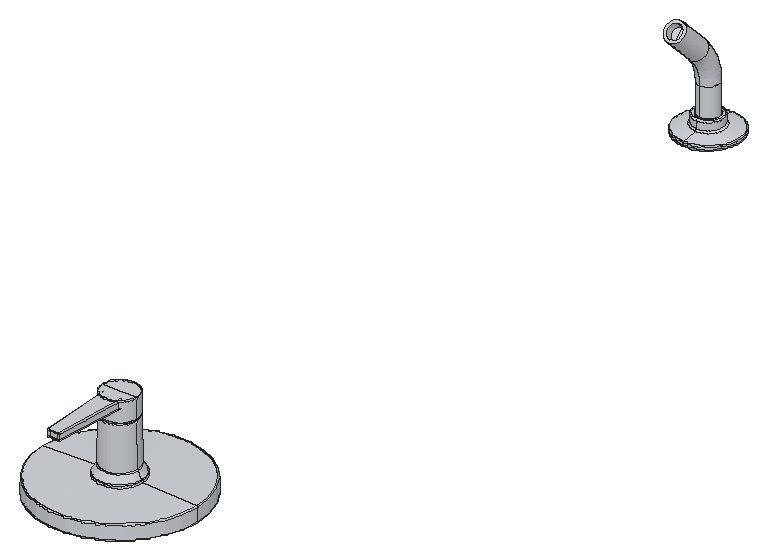
Revit family "Shower-Shower_Trim-KOHLER-Pitch-K-TLS97077_1", category Plumbing Fixtures, host Face, Revit 2022
Family settings
  Host = Face
  Round Connector Dimension = Use Diameter
  Part Type = Normal
  OmniClass Number = 23.31.17.00
  OmniClass Title = Showers
  Cut with Voids When Loaded = No
  Maintain Annotation Orientation = No
  Shared = No
  Room Calculation Point = No
Parameters (values of type "CP-Polished Chrome")
  Width = 6.37795"  # constant formula
  WaterSense Certified = 1 = 0  # no
  Waste Water Outlet = "Waste Water Outlet"  # constant formula
  Waste Connection = 1 = 0  # no
  Vent Connection = 1 = 0  # no
  URL = "https://www.us.kohler.com/us/"
  Type = 4
  Tempered Water Inlet = "Tempered Water Inlet"  # constant formula
  Product Page URL = "https://www.us.kohler.com/us/catalog/productDetails.jsp?productId=TLS97077-4"
  Product Name = "Pitch"  # constant formula
  Product Documentation Link = "https://www.us.kohler.com/webassets/kpna/catalog/pdf/en/K-TLS97077-4_spec_US-CA_Kohler_en.pdf"
  Pressure = 0.00 psi
  Panel Thickness = 0"
  Model = if(Type = 1, "K-TLS97077-4-2MB", if(Type = 2, "K-TLS97077-4-BL", if(Type = 3, "K-TLS97077-4-BN", if(Type = 4, "K-TLS97077-4-CP", " NA "))))  # "K-TLS97077-4-CP"
  Material = "Premium Metal Construction"  # constant formula
  Master Format 2014 Name = "Residential Showers"  # constant formula
  Master Format 2014 = "22 42 23"  # constant formula
  Manufacturer Address = "444 Highland Dr, Kohler, WI 53044"  # constant formula
  Manufacturer = "Kohler Co."  # constant formula
  Length = 4 95/256"  # constant formula
  Hot Water Inlet = "Hot Water Inlet"  # constant formula
  Height = 6.37795"  # constant formula
  Handle Clearance = 3.38583"  # constant formula
  HW Connection = 1 = 1  # yes
  Flow Rate = 0 GPM
  Finish = Kohler-Metal-CP-Polished_Chrome
  Environmental Product Declaration = ""
  Drain Included = 1 = 0  # no
  Distance To Showerarm [instance] = 30"
  Description = "Rite-Temp shower trim set, less showerhead"  # constant formula
  Default Elevation = 42"
  Declare Label = ""
  Date Modified = "04/19/2022"  # constant formula
  Date Created = "04/19/2022"  # constant formula
  Copyright = "Copyright Kohler Co."  # constant formula
  Contact Us = "https://www.us.kohler.com/us/static/contact.jsp"
  Cold Water Inlet = "Cold Water Inlet"  # constant formula
  CW Connection = 1 = 0  # no
  Assembly Code = "D2010700"
  ADA Compliant = 1 = 0  # no
Types (5): name | Type | Model | Finish
  (no name) | 4 | "K-TLS97077-4-CP" | Kohler-Metal-CP-Polished_Chrome
  CP-Polished Chrome | 4 | "K-TLS97077-4-CP" | Kohler-Metal-CP-Polished_Chrome
  BN-Vibrant Brushed Nickel | 3 | "K-TLS97077-4-BN" | Kohler-Metal-BN-Vibrant_Brushed_Nickel
  BL-Matte Black | 2 | "K-TLS97077-4-BL" | Kohler-Metal-BL-Matte_Black
  2MB-Vibrant Brushed Moderne Brass | 1 | "K-TLS97077-4-2MB" | Kohler-Metal-2MB-Vibrant_Brushed_Moderne_Brass
Reference planes
  plane 1 "Center (Front/Back)": y = 160.2
  plane 2: z = 0
  plane 3 "Center (Left/Right)": x = 0
  plane 4: x = -32
  plane 5: x = 32
  plane 6: y = 192.2
  plane 7: y = 117.2
  plane 8: y = -520.8
  plane 9: x = -81
  plane 10: y = -687.8
  plane 11: x = 81
  plane 12: y = -682.8
  plane 13: y = -520.8
  plane 14: x = -81
  plane 15: x = 81
  plane 16: y = -682.8
  plane 17: y = -687.8
  plane 18: y = -601.8
  plane 19: y = 128.2
  plane 20: z = 111.026
  plane 21: z = 94
  plane 22: z = 103.626
  plane 23: z = 118.4
  plane 24: y = 109.453
  plane 25: x = -10.584
  plane 26: x = 10.584
  plane 27: z = 16.489
Dimensions and locks
  plane 19 to plane 1 "Center (Front/Back)" to plane 6 = 1.25984", 1.25984"
  plane 7 to plane 1 "Center (Front/Back)" = 1.69291"
  plane 16 to plane 18 to plane 13 = 3.18898", 3.18898"
  "Width": plane 14 to plane 15
  "Height": plane 16 to plane 13
  "Handle Clearance": plane 18 to plane 17
  "Distance To Showerarm": plane 1 "Center (Front/Back)" to plane 18
  plane 4 to plane 3 "Center (Left/Right)" to plane 5 = 1.25984", 1.25984"
  locked: plane 1 "Center (Front/Back)" to plane 24 at 50.747
  "Length": level to plane 20
  level to plane 21 = 3.70079"
  locked: plane 6 to plane 19 at 64
  locked: plane 1 "Center (Front/Back)" to plane 7 at 43
  aligned and locked: plane 2 to host face
  aligned and locked: level to host face
  aligned and locked: plane 3 "Center (Left/Right)" to nested 1
  aligned and locked: plane 1 "Center (Front/Back)" to nested 1
  aligned and locked: plane 18 to nested 2
  aligned and locked: nested 1 to plane 5
  aligned and locked: plane 4 to nested 1
Automatic sketch dimensions
  host sketch curve to host sketch curve = 96"  (x2)
Nested families
  nested 1: "K-TLS97077_Showerarm" at (0, 160.2, 0), type "K-TLS97077_Showerarm"
  nested 2: "K-TLS97077_Valve_Trim" at (0, -601.8, 0), type "K-TLS97077_Valve_Trim"
Connectors
  piping at (0, 160.2, 0), diameter 12.7, driven by "HW Connection", driven by "Tempered Water Inlet"
    settings: on nested 1, index 1, connector inside diameter 24", connector length 0", flow factor 0, pipe flow 0 GPM, pressure drop 0.00 psi, fitting loss kfactor 0, connector angle 0.00°, fixture units 0, engagement length 0", angle of deflection 0.00°, flow configuration 0, flow direction 1, fitting loss method 0, system type 19, joint type 0, gender type 0, connector reference index -1, connector utility 1, adjustable connector no, is connector primary yes, connector description "Tempered Water Inlet"
Definition of nested family "K-TLS97077_Showerarm"
  Parameters
    Material = none
    Default Elevation = 0"
  Reference planes
    plane 1 "Center (Front/Back)": y = 0
    plane 2: z = 0
    plane 3 "Center (Left/Right)": x = 0
    plane 4: x = -32
    plane 5: x = 32
    plane 6: y = 32
    plane 7: y = -32
    plane 8: y = -43
    plane 9: z = 111
    plane 10: z = 103.626
    plane 11: z = 118.374
  Forms (mm)
    Revolve 1, solid, material <- "Material", detail levels medium+fine
      sketch origin (0, 0, 0) x (0, 1, 0) y (0, 0, 1)
        loop
          line (0, 0) -> (31.2, 0)
          arc (31.2, 0) -> (31.766, 0.234) -> (32, 0.8) r 0.8
          line (32, 0.8) -> (32, 3.452)
          arc (32, 3.452) -> (31.822, 3.956) -> (31.366, 4.235) r 0.8
          line (31.366, 4.235) -> (16.584, 7.377)
          arc (16.584, 7.377) -> (15.446, 8.075) -> (15, 9.333) r 2
          line (15, 9.333) -> (15, 16.514)
          arc (15, 16.514) -> (14.707, 17.221) -> (14, 17.514) r 1
          line (14, 17.514) -> (11.342, 17.514)
          arc (11.342, 17.514) -> (10.746, 17.268) -> (10.5, 16.673) r 0.842
          line (10.5, 16.673) -> (0, 16.673) -> (0, 0)
        axis (0, 0) -> (0, 17.514)
      angle from 0 to 360
    Sweep 2, solid, material <- "Material", detail levels medium+fine
      path origin (0, 0, 0) x (0, 1, 0) y (0, 0, 1)
        loop
          line (0, 16.673) -> (0, 47.343)
          arc (0, 47.343) -> (-3.806, 66.478) -> (-14.645, 82.699) r 50
          line (-14.645, 82.699) -> (-43, 111.054)
      profile origin (0, 0, 32.008) x (0, -1, 0) y (1, 0, 0)
        loop
          circle (0, 0) r 10.5
    Revolve 3, void
      sketch origin (0, 0, 0) x (0, 1, 0) y (0, 0, 1)
        loop
          line (-43, 111.054) -> (-48.282, 105.772) -> (-43.134, 100.624) -> (-37.852, 105.906) -> (-43, 111.054)
        axis (-37.852, 105.906) -> (-43, 111.054)
      angle from 0 to 360
    Revolve 4, solid, material <- "Material", detail levels coarse
      sketch origin (0, 0, 0) x (0, 1, 0) y (0, 0, 1)
        loop
          line (0, 0) -> (32, 0) -> (32, 7.781) -> (15, 7.781) -> (15, 17.524) -> (10.51, 17.524) -> (0, 17.524) -> (0, 0)
        axis (0, 17.524) -> (0, 0)
      angle from 0 to 360
    Extrusion 5, solid, material <- "Material"
      sketch origin (0, 0, 0) x (1, 0, 0) y (0, 1, 0)
        loop
          circle (0, 0) r 2.55
      from 0 to 2
    Sweep 6, solid, material <- "Material", detail levels coarse
      path origin (0, 0, 0) x (0, 1, 0) y (0, 0, 1)
        loop
          line (0, 16.673) -> (0, 55.098)
          arc (0, 55.098) -> (-2.284, 66.579) -> (-8.787, 76.311) r 30
          line (-8.787, 76.311) -> (-43.265, 110.789)
      profile origin (0, 0, 35.885) x (0, -1, 0) y (1, 0, 0)
        loop
          circle (0, 0) r 10.582
  Cuts and joins
    Revolve 3 cuts Sweep 2
    joined: Revolve 4, Sweep 6
  Lines and regions (mm)
    Masking region 1
      outline origin (0, 0, 0) x (1, 0, 0) y (0, 1, 0)
        loop
          line (-10.584, -30.182) -> (-10.584, -44.125)
          arc (-10.584, -44.125) -> (0, -50.779) -> (10.584, -44.125) r 11.744
          line (10.584, -44.125) -> (10.584, -30.147)
          arc (10.584, -30.147) -> (-0.104, 32) -> (-10.584, -30.182) r 31.983
    Masking region 2
      outline origin (0, 0, 0) x (1, 0, 0) y (0, 0, 1)
        loop
          line (32, 0.78) -> (32, 3.355)
          arc (32, 3.355) -> (31.783, 3.967) -> (31.23, 4.306) r 0.972
          line (31.23, 4.306) -> (17.536, 7.216)
          arc (17.536, 7.216) -> (16.113, 8.089) -> (15.556, 9.662) r 2.5
          line (15.556, 9.662) -> (15.556, 16.058)
          arc (15.556, 16.058) -> (15.115, 17.121) -> (14.052, 17.561) r 1.504
          line (14.052, 17.561) -> (10.498, 17.561) -> (10.498, 110.981)
          arc (10.498, 110.981) -> (6.589, 116.606) -> (0, 118.479) r 10.176
          arc (0, 118.479) -> (-6.613, 116.642) -> (-10.497, 110.983) r 10.032
          line (-10.497, 110.983) -> (-10.497, 17.561) -> (-14.052, 17.561)
          arc (-14.052, 17.561) -> (-15.115, 17.121) -> (-15.556, 16.058) r 1.504
          line (-15.556, 16.058) -> (-15.556, 9.662)
          arc (-15.556, 9.662) -> (-16.113, 8.089) -> (-17.536, 7.216) r 2.5
          line (-17.536, 7.216) -> (-31.23, 4.306)
          arc (-31.23, 4.306) -> (-31.783, 3.967) -> (-32, 3.355) r 0.972
          line (-32, 3.355) -> (-32, 0.78)
          arc (-32, 0.78) -> (-31.771, 0.229) -> (-31.22, 0) r 0.78
          line (-31.22, 0) -> (31.22, 0)
          arc (31.22, 0) -> (31.771, 0.229) -> (32, 0.78) r 0.78
    Masking region 3
      outline origin (0, 0, 0) x (0, 1, 0) y (0, 0, 1)
        loop
          line (-31.2, 0) -> (31.2, 0)
          arc (31.2, 0) -> (31.766, 0.234) -> (32, 0.8) r 0.8
          line (32, 0.8) -> (32, 3.358)
          arc (32, 3.358) -> (31.777, 3.987) -> (31.208, 4.336) r 1
          line (31.208, 4.336) -> (16.562, 7.449)
          arc (16.562, 7.449) -> (15.444, 8.134) -> (15.006, 9.369) r 1.963
          line (15.006, 9.369) -> (15.006, 16.494)
          arc (15.006, 16.494) -> (14.705, 17.223) -> (13.976, 17.524) r 1.03
          line (13.976, 17.524) -> (10.51, 17.524) -> (10.51, 49.712)
          arc (10.51, 49.712) -> (6.324, 70.76) -> (-5.599, 88.603) r 55
          line (-5.599, 88.603) -> (-35.525, 118.529) -> (-50.428, 103.626) -> (-21.829, 75.027)
          arc (-21.829, 75.027) -> (-13.731, 62.907) -> (-10.888, 48.611) r 37.357
          line (-10.888, 48.611) -> (-10.888, 17.524) -> (-13.976, 17.524)
          arc (-13.976, 17.524) -> (-14.705, 17.223) -> (-15.006, 16.494) r 1.03
          line (-15.006, 16.494) -> (-15.006, 9.369)
          arc (-15.006, 9.369) -> (-15.444, 8.134) -> (-16.562, 7.449) r 1.963
          line (-16.562, 7.449) -> (-31.208, 4.336)
          arc (-31.208, 4.336) -> (-31.777, 3.987) -> (-32, 3.358) r 1
          line (-32, 3.358) -> (-32, 0.8)
          arc (-32, 0.8) -> (-31.766, 0.234) -> (-31.2, 0) r 0.8
    symbolic lines, detail levels medium+fine
      curve 1: line (0, 10.51, 17.524) -> (0, -10.888, 17.524)
      curve 2: line (0, -33.842, 116.847) -> (0, -48.746, 101.943)
      curve 3: line (0, -32.508, 115.513) -> (0, -47.412, 100.609)
      curve 4: line (0, -31.063, 114.068) -> (0, -45.967, 99.164)
      curve 5: line (0, -29.878, 112.882) -> (0, -44.781, 97.979)
      curve 6: line (0, -28.214, 111.218) -> (0, -43.118, 96.315)
      curve 7: line (0, -27.025, 110.029) -> (0, -41.928, 95.126)
      curve 8: arc (-10.584, -43, 0) -> (0, -35.575, 0) -> (10.584, -43, 0) r 11.255
      curve 9: arc (-10.584, -40.455, 0) -> (0, -34.159, 0) -> (10.584, -40.455, 0) r 12.043
      curve 10: arc (-10.584, -38, 0) -> (0, -32.914, 0) -> (10.584, -38, 0) r 13.555
      curve 11: arc (-10.584, -36.591, 0) -> (0, -32, 0) -> (10.584, -36.591, 0) r 14.494
      curve 12: arc (-10.584, -35.111, 0) -> (0, -31.011, 0) -> (10.584, -35.111, 0) r 15.71
      curve 13: arc (-6.765, -43, 0) -> (0.191, -37.716, 0) -> (7.146, -43, 0) r 7.219
      curve 14: arc (-6.765, -43, 0) -> (0.191, -48.284, 0) -> (7.146, -43, 0) r 7.219
      curve 15: line (-10.584, -30.182, 0) -> (-10.584, -0.182, 0)
      curve 16: line (10.584, -30.147, 0) -> (10.584, -0.182, 0)
      curve 17: arc (-10.584, -0.182, 0) -> (0, 10.401, 0) -> (10.584, -0.182, 0) r 10.584
      curve 18: line (10.498, 0, 17.561) -> (-10.497, 0, 17.561)
      curve 19: arc (-10.584, -10.63, 0) -> (0, 15, 0) -> (10.584, -10.63, 0) r 15
  Dimensions and locks
    plane 6 to plane 7 = 2.51969"
    plane 4 to plane 5 = 2.51969"
    plane 9 to level = 4.37008"
    plane 1 "Center (Front/Back)" to plane 8 = 1.69291"
    aligned and locked: level to plane 2
Definition of nested family "K-TLS97077_Valve_Trim"
  Parameters
    Material = none
    Default Elevation = 0"
  Reference planes
    plane 1 "Center (Front/Back)": y = 0
    plane 2: z = 0
    plane 3 "Center (Left/Right)": x = 0
    plane 4: z = 94
    plane 5: x = 81
    plane 6: x = -81
    plane 7: y = 81
    plane 8: y = -81
    plane 9: y = -86
  Forms (mm)
    Revolve 1, solid, material <- "Material", detail levels medium+fine
      sketch origin (0, 0, 0) x (1, 0, 0) y (0, 0, 1)
        loop
          line (0, 73.189) -> (0, 73.989) -> (-8.994, 73.989) -> (-8.994, 73.189) -> (-17.01, 73.189)
          arc (-17.01, 73.189) -> (-17.663, 72.921) -> (-17.938, 72.271) r 0.928
          line (-17.938, 72.271) -> (-18.428, 27.677)
          arc (-18.428, 27.677) -> (-18.508, 27.137) -> (-18.732, 26.639) r 2
          line (-18.732, 26.639) -> (-23.222, 19.453)
          arc (-23.222, 19.453) -> (-23.448, 18.945) -> (-23.526, 18.394) r 2
          line (-23.526, 18.394) -> (-23.526, 16.489) -> (-79.614, 14.813)
          arc (-79.614, 14.813) -> (-80.283, 14.524) -> (-80.572, 13.856) r 0.988
          line (-80.572, 13.856) -> (-80.984, 0.515)
          arc (-80.984, 0.515) -> (-80.843, 0.152) -> (-80.484, 0) r 0.5
          line (-80.484, 0) -> (0, 0) -> (0, 73.189)
        axis (0, 0) -> (0, 73.989)
      angle from 0 to 360
    Revolve 2, solid, material <- "Material", detail levels medium+fine
      sketch origin (0, 0, 0) x (1, 0, 0) y (0, 0, 1)
        loop
          line (0, 94) -> (0, 73.656) -> (17.556, 73.656)
          arc (17.556, 73.656) -> (17.909, 73.803) -> (18.056, 74.156) r 0.5
          line (18.056, 74.156) -> (18.056, 93.5)
          arc (18.056, 93.5) -> (17.909, 93.854) -> (17.556, 94) r 0.5
          line (17.556, 94) -> (0, 94)
        axis (0, 73.656) -> (0, 94)
      angle from 0 to 360
    Blend 3, solid, material <- "Material", detail levels medium+fine
      base sketch origin (0, 0, 0) x (1, 0, 0) y (0, 0, 1)
        loop
          line (-10, 92.956) -> (-10, 85.975)
          arc (-10, 85.975) -> (-9.851, 85.449) -> (-9.448, 85.081) r 1
          arc (-9.448, 85.081) -> (0, 82.848) -> (9.448, 85.081) r 21.107
          arc (9.448, 85.081) -> (9.851, 85.449) -> (10, 85.975) r 1
          line (10, 85.975) -> (10, 92.941)
          arc (10, 92.941) -> (9.707, 93.648) -> (9, 93.941) r 1
          line (9, 93.941) -> (-9.015, 93.941)
          arc (-9.015, 93.941) -> (-9.711, 93.653) -> (-10, 92.956) r 0.985
      top sketch origin (0, 0, 0) x (1, 0, 0) y (0, 0, 1)
        loop
          line (-6.004, 93.213) -> (-6.004, 87.965)
          arc (-6.004, 87.965) -> (-5.745, 87.355) -> (-5.126, 87.118) r 0.847
          arc (-5.126, 87.118) -> (0.024, 87.21) -> (5.175, 87.116) r 142.571
          arc (5.175, 87.116) -> (5.759, 87.34) -> (6.004, 87.916) r 0.8
          line (6.004, 87.916) -> (6.004, 93.151)
          arc (6.004, 93.151) -> (5.755, 93.751) -> (5.155, 94) r 0.849
          line (5.155, 94) -> (-5.216, 94)
          arc (-5.216, 94) -> (-5.773, 93.769) -> (-6.004, 93.213) r 0.787
      from 10.563 to 87.702
    Sweep 4, void
      path origin (0, 0, 0) x (1, 0, 0) y (0, 1, 0)
        loop
          arc (-9.963, -84.443) -> (-7.161, -85.604) -> (-4.153, -86) r 11.619
          line (-4.153, -86) -> (4.187, -86)
          arc (4.187, -86) -> (7.297, -85.48) -> (10.068, -83.975) r 9.553
      profile origin (0.017, -86, 0) x (0, 1, 0) y (0, 0, 1)
        loop
          arc (0, 93.446) -> (1.016, 95.625) -> (3.339, 96.248) r 2.845
          line (3.339, 96.248) -> (3.339, 99.373) -> (-6.661, 99.373) -> (-6.661, 82.094) -> (2.318, 82.094) -> (2.318, 84.594)
          arc (2.318, 84.594) -> (0.636, 85.909) -> (0, 87.947) r 3.585
          line (0, 87.947) -> (0, 93.446)
    Revolve 5, solid, material <- "Material", detail levels coarse
      sketch origin (0, 0, 0) x (1, 0, 0) y (0, 0, 1)
        loop
          line (0, 0) -> (81, 0) -> (81, 16.211) -> (18.378, 16.211) -> (18.378, 94) -> (0, 94) -> (0, 0)
        axis (0, 0) -> (0, 94)
      angle from 0 to 360
    Extrusion 6, solid, material <- "Material", detail levels coarse
      sketch origin (0, 0, 0) x (1, 0, 0) y (0, 0, 1)
        loop
          line (-10.114, 94) -> (-10.114, 84.959) -> (9.886, 84.959) -> (9.886, 94) -> (-10.114, 94)
      from 14.387 to 86
  Cuts and joins
    joined: Revolve 1, Revolve 2
    Sweep 4 cuts Blend 3
    joined: Revolve 5, Extrusion 6
  Lines and regions (mm)
    Masking region 1
      outline origin (0, 0, 0) x (1, 0, 0) y (0, 1, 0)
        loop
          line (-6.456, -80.68) -> (-6.225, -84.353)
          arc (-6.225, -84.353) -> (-5.798, -85.31) -> (-4.849, -85.754) r 1.5
          arc (-4.849, -85.754) -> (0.003, -85.946) -> (4.856, -85.737) r 58.937
          arc (4.856, -85.737) -> (5.801, -85.292) -> (6.226, -84.336) r 1.5
          line (6.226, -84.336) -> (6.456, -80.684)
          arc (6.456, -80.684) -> (0.039, 81) -> (-6.456, -80.68) r 80.97
    Masking region 2
      outline origin (0, 0, 0) x (1, 0, 0) y (0, 0, 1)
        loop
          arc (80.47, 0) -> (80.839, 0.156) -> (80.985, 0.53) r 0.515
          line (80.985, 0.53) -> (80.609, 13.787)
          arc (80.609, 13.787) -> (80.301, 14.502) -> (79.586, 14.811) r 1.055
          line (79.586, 14.811) -> (23.526, 16.489) -> (23.526, 18.51)
          arc (23.526, 18.51) -> (23.464, 18.949) -> (23.284, 19.354) r 1.593
          line (23.284, 19.354) -> (18.829, 26.483)
          arc (18.829, 26.483) -> (18.55, 27.105) -> (18.449, 27.779) r 2.5
          line (18.449, 27.779) -> (17.939, 72.201)
          arc (17.939, 72.201) -> (17.643, 72.9) -> (16.94, 73.189) r 1
          arc (16.94, 73.189) -> (17.718, 73.434) -> (18.052, 74.178) r 0.995
          line (18.052, 74.178) -> (18.052, 93.5)
          arc (18.052, 93.5) -> (17.905, 93.854) -> (17.552, 94) r 0.5
          line (17.552, 94) -> (-0.007, 94) -> (-17.552, 94)
          arc (-17.552, 94) -> (-17.905, 93.854) -> (-18.052, 93.5) r 0.5
          line (-18.052, 93.5) -> (-18.052, 74.178)
          arc (-18.052, 74.178) -> (-17.718, 73.434) -> (-16.94, 73.189) r 0.995
          arc (-16.94, 73.189) -> (-17.643, 72.9) -> (-17.939, 72.201) r 1
          line (-17.939, 72.201) -> (-18.449, 27.779)
          arc (-18.449, 27.779) -> (-18.55, 27.105) -> (-18.829, 26.483) r 2.5
          line (-18.829, 26.483) -> (-23.284, 19.354)
          arc (-23.284, 19.354) -> (-23.464, 18.949) -> (-23.526, 18.51) r 1.593
          line (-23.526, 18.51) -> (-23.526, 16.489) -> (-79.586, 14.811)
          arc (-79.586, 14.811) -> (-80.301, 14.502) -> (-80.609, 13.787) r 1.055
          line (-80.609, 13.787) -> (-80.985, 0.53)
          arc (-80.985, 0.53) -> (-80.839, 0.156) -> (-80.47, 0) r 0.515
          line (-80.47, 0) -> (80.47, 0)
    Masking region 3
      outline origin (0, 0, 0) x (0, 1, 0) y (0, 0, 1)
        loop
          line (0, 0) -> (80.485, 0)
          arc (80.485, 0) -> (80.844, 0.152) -> (80.985, 0.515) r 0.5
          line (80.985, 0.515) -> (80.595, 13.887)
          arc (80.595, 13.887) -> (80.303, 14.565) -> (79.625, 14.857) r 1
          line (79.625, 14.857) -> (23.526, 16.489) -> (23.526, 18.377)
          arc (23.526, 18.377) -> (23.447, 18.935) -> (23.218, 19.451) r 2.026
          line (23.218, 19.451) -> (18.386, 27.183)
          arc (18.386, 27.183) -> (18.16, 27.692) -> (18.082, 28.243) r 2
          line (18.082, 28.243) -> (18.082, 72.352)
          arc (18.082, 72.352) -> (17.837, 72.944) -> (17.245, 73.189) r 0.837
          arc (17.245, 73.189) -> (17.849, 73.605) -> (18.082, 74.301) r 1.157
          line (18.082, 74.301) -> (18.082, 93.45)
          arc (18.082, 93.45) -> (17.921, 93.839) -> (17.532, 94) r 0.55
          line (17.532, 94) -> (-84.5, 94)
          arc (-84.5, 94) -> (-85.561, 93.561) -> (-86, 92.5) r 1.5
          line (-86, 92.5) -> (-86, 88.465)
          arc (-86, 88.465) -> (-85.591, 87.436) -> (-84.588, 86.968) r 1.5
          line (-84.588, 86.968) -> (-18.835, 83.104)
          arc (-18.835, 83.104) -> (-18.3, 82.854) -> (-18.082, 82.305) r 0.8
          line (-18.082, 82.305) -> (-18.082, 74.301)
          arc (-18.082, 74.301) -> (-17.849, 73.605) -> (-17.245, 73.189) r 1.157
          arc (-17.245, 73.189) -> (-17.837, 72.944) -> (-18.082, 72.352) r 0.837
          line (-18.082, 72.352) -> (-18.082, 28.243)
          arc (-18.082, 28.243) -> (-18.16, 27.692) -> (-18.386, 27.183) r 2
          line (-18.386, 27.183) -> (-23.218, 19.451)
          arc (-23.218, 19.451) -> (-23.447, 18.935) -> (-23.526, 18.377) r 2.026
          line (-23.526, 18.377) -> (-23.526, 16.489) -> (-79.625, 14.857)
          arc (-79.625, 14.857) -> (-80.303, 14.565) -> (-80.595, 13.887) r 1
          line (-80.595, 13.887) -> (-80.985, 0.515)
          arc (-80.985, 0.515) -> (-80.844, 0.152) -> (-80.485, 0) r 0.5
          line (-80.485, 0) -> (0, 0)
    symbolic lines, detail levels medium+fine
      curve 1: arc (-23.526, 0, 0) -> (12.759, 19.765, 0) -> (9.686, -21.439, 0) r 23.526
      curve 2: arc (-9.686, -21.439, 0) -> (-19.765, -12.759, 0) -> (-23.526, 0, 0) r 23.526
      curve 3: arc (17.928, 0, 0) -> (0, 17.928, 0) -> (-17.928, 0, 0) r 17.928
      curve 4: arc (10.045, -14.85, 0) -> (15.835, -8.406, 0) -> (17.928, 0, 0) r 17.928
      curve 5: arc (-17.928, 0, 0) -> (-15.835, -8.406, 0) -> (-10.045, -14.85, 0) r 17.928
      curve 6: line (-6.456, -80.68, 0) -> (-10.045, -14.85, 0)
      curve 7: line (6.456, -80.68, 0) -> (10.045, -14.85, 0)
      curve 8: line (23.526, 0, 16.489) -> (-23.526, 0, 16.489)
      curve 9: line (23.526, 0, 18.51) -> (-23.526, 0, 18.51)
      curve 10: line (16.94, 0, 73.189) -> (-16.94, 0, 73.189)
      curve 11: line (17.939, 0, 72.201) -> (-17.939, 0, 72.201)
      curve 12: line (18.052, 0, 74.178) -> (-18.052, 0, 74.178)
      curve 13: line (0, 23.526, 16.489) -> (0, -23.526, 16.489)
      curve 14: line (0, 23.526, 18.377) -> (0, -23.526, 18.377)
      curve 15: line (0, 18.386, 27.183) -> (0, -18.386, 27.183)
      curve 16: line (0, 17.245, 73.189) -> (0, -17.245, 73.189)
      curve 17: line (0, 18.082, 72.352) -> (0, -18.082, 72.352)
      curve 18: line (0, 18.082, 74.301) -> (0, -18.082, 74.301)
      curve 19: line (0, -85.835, 87.914) -> (0, -12.753, 86.062)
      curve 20: arc (0, -18.082, 82.305) -> (0, -15.556, 84.381) -> (0, -12.753, 86.062) r 22.155
      curve 21: line (18.829, 0, 26.483) -> (-18.829, 0, 26.483)
  Dimensions and locks
    plane 6 to plane 5 = 6.37795"  (x2)
    level to plane 4 = 3.70079"
    plane 1 "Center (Front/Back)" to plane 9 = 3.38583"
    aligned and locked: level to plane 2
